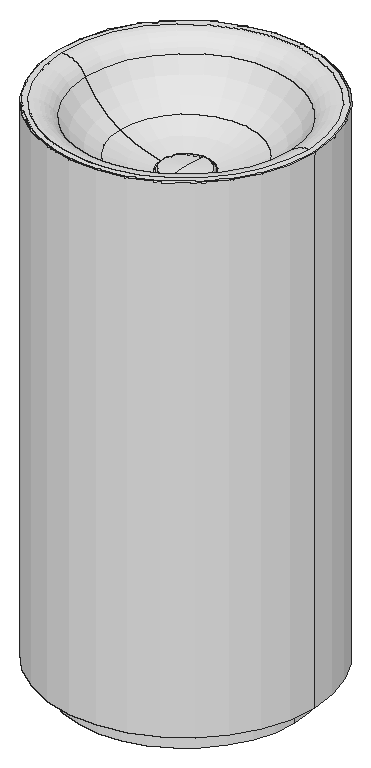
Revit family "Sink-Pedestal-KOHLER-K-EX40398T_1", category Plumbing Fixtures, host Face, Revit 2022
Family settings
  Host = Face
  Round Connector Dimension = Use Diameter
  Part Type = Normal
  OmniClass Number = 23.31.13.00
  Cut with Voids When Loaded = No
  Maintain Annotation Orientation = No
  Shared = No
  Room Calculation Point = No
Parameters (values of type "HW1-Honed White")
  Width = 17.71654"  # constant formula
  WaterSense Certified = 1 = 0  # no
  Waste Water Outlet = "Waste Water Outlet"  # constant formula
  Waste Connection = 1 = 1  # yes
  Vent Connection = 1 = 0  # no
  URL = "http://www.kohler.com.cn/"
  Type = 1
  Product Page URL = ""
  Product Name = ""
  Product Documentation Link = ""
  Model = if(Type = 1, "K-EX40398T-HW1", "NA")  # "K-EX40398T-HW1"
  Material = "Natural Stone"  # constant formula
  Master Format 2014 Name = "Residential Lavatories and Sinks"  # constant formula
  Master Format 2014 = "22 41 16"  # constant formula
  Manufacturer Address = "Kohler Beijing Office (100016)36-2-03-B, No. 88, Liuxiang Road, Beijing"  # constant formula
  Manufacturer = "Kohler Co."  # constant formula
  Length = 17.71654"  # constant formula
  Hot Water Inlet = "Hot Water Inlet"  # constant formula
  Height = 35.49528"  # constant formula
  HW Connection = 1 = 0  # no
  Finish = KOHLER-Stone-HW1-Honed_White
  Environmental Product Declaration = ""
  Drain Included = 1 = 0  # no
  Description = "Pedestal"  # constant formula
  Default Elevation = 36"
  Declare Label = ""
  Date Modified = "11/20/2025"  # constant formula
  Date Created = "10/17/2025"  # constant formula
  Copyright = "Copyright Kohler Co."  # constant formula
  Contact Us = "http://www.kohler.com.cn/contact/contact-us/"
  Cold Water Inlet = "Cold Water Inlet"  # constant formula
  CW Connection = 1 = 0  # no
  Assembly Code = "D2010400"
  ADA Compliant = 1 = 0  # no
Reference planes (in)
  plane 1 "Center (Front/Back)": y = 0
  plane 2: z = 0
  plane 3 "Center (Left/Right)": x = 0
  plane 4: y = -8.85827
  plane 5: y = 8.85827
  plane 6: y = 1.60002
  plane 7: y = -1.60002
  plane 8: x = -1.60002
  plane 9: x = 1.60002
  plane 10: z = 27.40515
  plane 11: x = -8.85827
  plane 12: x = 8.85827
  plane 13: z = 35.49528
Dimensions and locks (in)
  plane 7 to plane 6 = 3.20004"
  plane 8 to plane 9 = 3.20004"
  plane 4 to plane 1 "Center (Front/Back)" = 8.85827"
  plane 1 "Center (Front/Back)" to plane 5 = 8.85827"
  plane 5 to plane 4 = 17.71654"
  "Width": plane 11 to plane 12
  "Length": plane 5 to plane 4
  "Height": plane 13 to level
  aligned and locked: plane 2 to host face
  aligned and locked: level to host face
  aligned and locked: plane 3 "Center (Left/Right)" to nested 1
  aligned and locked: plane 1 "Center (Front/Back)" to nested 1
Automatic sketch dimensions
  host sketch curve to host sketch curve = 96"  (x2)
Nested families (in)
  nested 1: "K-EX40398T" at (0, 0, 0), type "K-EX40398T"
Connectors (in)
  piping at (0, 0, 27.40515), diameter 1.25391, driven by "Waste Connection", driven by "Waste Water Outlet"
    settings: on nested 1, index 1, connector inside diameter 24", connector length 0", flow factor 0, pipe flow 0 GPM, pressure drop 0.00 psi, fitting loss kfactor 0, connector angle 0.00°, fixture units 0, engagement length 0", angle of deflection 0.00°, flow configuration 0, flow direction 2, fitting loss method 0, system type 16, joint type 0, gender type 0, connector reference index -1, connector utility 1, adjustable connector no, is connector primary yes, connector description "Waste Water Outlet"
Definition of nested family "K-EX40398T"
  Parameters (values of type "K-38259")
    Waste Connection = no
    Material = none
    Default Elevation = 0"
  Reference planes (in)
    plane 1 "Center (Front/Back)": y = 0
    plane 2: z = 0
    plane 3 "Center (Left/Right)": x = 0
    plane 4: x = -8.85827
    plane 5: y = -8.85827
    plane 6: z = 35.4954
    plane 7: z = 22.26378
    plane 8: z = 27.40515
    plane 9: y = 8.85827
    plane 10: x = 8.85827
  Forms (in)
    Sweep 1, solid, material <- "Material", detail levels medium+fine
      path origin (0, 0, 0) x (1, 0, 0) y (0, 1, 0)
        loop
          circle (0, 0) r 8.85827
      profile origin (8.85827, 0, 0) x (-1, 0, 0) y (0, 0, 1)
        loop
          line (0, 1.4206) -> (1.37795, 1.4206) -> (1.37795, 0) -> (2.16535, 0) -> (2.16535, 1.9685) -> (0.7874, 1.9685) -> (0.7874, 34.12056)
          arc (0.7874, 34.12056) -> (0.93267, 34.31053) -> (1.15407, 34.22012) r 0.19685
          arc (1.15407, 34.22012) -> (3.43301, 31.83066) -> (6.53909, 30.71019) r 7.19794
          arc (6.53909, 30.71019) -> (6.9123, 30.51647) -> (7.06201, 30.12353) r 0.59055
          line (7.06201, 30.12353) -> (7.06201, 28.80249) -> (7.45571, 28.80249) -> (7.45571, 30.81782)
          arc (7.45571, 30.81782) -> (7.36003, 31.07508) -> (7.11951, 31.2073) r 0.3937
          arc (7.11951, 31.2073) -> (5.67864, 31.5544) -> (4.32299, 32.15337) r 8.26096
          arc (4.32299, 32.15337) -> (2.97197, 33.18143) -> (1.97025, 34.55209) r 5.8907
          arc (1.97025, 34.55209) -> (1.31828, 35.24136) -> (0.40416, 35.4954) r 1.77165
          line (0.40416, 35.4954) -> (0.05555, 35.4954)
          arc (0.05555, 35.4954) -> (0.01627, 35.47913) -> (0, 35.43985) r 0.05555
          line (0, 35.43985) -> (0, 1.4206)
    Revolve 2, solid, material <- "Material"
      sketch origin (0, 0, 0) x (0, 1, 0) y (0, 0, 1)
        loop
          arc (0, 31.52716) -> (-0.76641, 31.49036) -> (-1.52556, 31.37895) r 7.85374
          arc (-1.52556, 31.37895) -> (-1.59536, 31.2851) -> (-1.50873, 31.20652) r 0.08704
          line (-1.50873, 31.20652) -> (-0.38878, 31.20652) -> (-0.38878, 27.40515) -> (0, 27.40515) -> (0, 31.20652) -> (0, 31.52716)
        axis (0, 31.52716) -> (0, 27.40515)
      angle from 0 to 360
    Extrusion 3, solid, material <- "Material", detail levels medium+fine
      sketch origin (0, 0, 0) x (1, 0, 0) y (0, 1, 0)
        loop
          arc (-0.89173, -1.03231) -> (-0.84926, -1.05055) -> (-0.80409, -1.04074) r 0.07583
          line (-0.80409, -1.04074) -> (-0.61962, -0.93423)
          arc (-0.61962, -0.93423) -> (-0.58259, -0.87397) -> (-0.61281, -0.81002) r 0.07428
          arc (-0.61281, -0.81002) -> (-0.88302, -0.50816) -> (-1.00851, -0.12297) r 0.98284
          arc (-1.00851, -0.12297) -> (-1.04834, -0.06526) -> (-1.11844, -0.06714) r 0.07357
          line (-1.11844, -0.06714) -> (-1.31092, -0.17827)
          arc (-1.31092, -0.17827) -> (-1.33731, -0.20722) -> (-1.34212, -0.24611) r 0.06462
          arc (-1.34212, -0.24611) -> (-1.18346, -0.67733) -> (-0.89173, -1.03231) r 1.37668
        loop
          arc (1.35026, -0.25522) -> (1.34481, -0.20931) -> (1.31373, -0.1751) r 0.07583
          line (1.31373, -0.1751) -> (1.12926, -0.0686)
          arc (1.12926, -0.0686) -> (1.05856, -0.06666) -> (1.01828, -0.12481) r 0.07428
          arc (1.01828, -0.12481) -> (0.89197, -0.50974) -> (0.62113, -0.81102) r 0.98284
          arc (0.62113, -0.81102) -> (0.59107, -0.87437) -> (0.62775, -0.93413) r 0.07357
          line (0.62775, -0.93413) -> (0.82022, -1.04526)
          arc (0.82022, -1.04526) -> (0.8585, -1.05364) -> (0.89458, -1.03837) r 0.06462
          arc (0.89458, -1.03837) -> (1.1887, -0.68535) -> (1.35026, -0.25522) r 1.37668
        loop
          arc (-0.44428, 1.29586) -> (-0.48128, 1.26815) -> (-0.49532, 1.22411) r 0.07583
          line (-0.49532, 1.22411) -> (-0.4951, 1.01111)
          arc (-0.4951, 1.01111) -> (-0.46135, 0.94894) -> (-0.39085, 0.94321) r 0.07428
          arc (-0.39085, 0.94321) -> (0.00557, 1.02671) -> (0.402, 0.94321) r 0.98284
          arc (0.402, 0.94321) -> (0.47189, 0.94893) -> (0.50524, 1.01061) r 0.07357
          line (0.50524, 1.01061) -> (0.505, 1.23286)
          arc (0.505, 1.23286) -> (0.49309, 1.27019) -> (0.46179, 1.29376) r 0.06462
          arc (0.46179, 1.29376) -> (0.00893, 1.37149) -> (-0.44428, 1.29586) r 1.37668
      from 29.30795 to 29.77336
    Extrusion 4, void
      sketch origin (0, 0, 0) x (1, 0, 0) y (0, 0, 1)
        loop
          arc (2.88937, 24.95344) -> (-0.00289, 27.8457) -> (-2.89514, 24.95344) r 2.89226
          line (-2.89514, 24.95344) -> (-2.89514, 18.80637)
          arc (-2.89514, 18.80637) -> (-0.00289, 15.91412) -> (2.88937, 18.80637) r 2.89226
          line (2.88937, 18.80637) -> (2.88937, 24.95344)
      from -16.73185 to -1.44657
    Extrusion 5, void
      sketch origin (0, 0, 0) x (1, 0, 0) y (0, 0, 1)
        loop
          line (0.74482, 34.11918) -> (-0.73957, 34.11918)
          arc (-0.73957, 34.11918) -> (-0.87833, 33.98042) -> (-0.73957, 33.84167) r 0.13875
          line (-0.73957, 33.84167) -> (0.74482, 33.84167)
          arc (0.74482, 33.84167) -> (0.88358, 33.98042) -> (0.74482, 34.11918) r 0.13875
      from 5.06215 to 7.89383
    Sweep 6, solid, material <- "Material", detail levels coarse
      path origin (0, 0, 0) x (1, 0, 0) y (0, 1, 0)
        loop
          circle (0, 0) r 8.85827
      profile origin (8.85827, 0, 0) x (-1, 0, 0) y (0, 0, 1)
        loop
          line (0, 1.4206) -> (1.37795, 1.4206) -> (1.37795, 0) -> (2.16535, 0) -> (2.16535, 1.9685) -> (0.7874, 1.9685) -> (0.7874, 34.12056)
          arc (0.7874, 34.12056) -> (0.93267, 34.31053) -> (1.15407, 34.22012) r 0.19685
          arc (1.15407, 34.22012) -> (3.43301, 31.83066) -> (6.53909, 30.71019) r 7.19794
          arc (6.53909, 30.71019) -> (6.9123, 30.51647) -> (7.06201, 30.12353) r 0.59055
          line (7.06201, 30.12353) -> (7.06201, 28.80249) -> (7.45571, 28.80249) -> (7.45571, 30.81782)
          arc (7.45571, 30.81782) -> (7.36003, 31.07508) -> (7.11951, 31.2073) r 0.3937
          arc (7.11951, 31.2073) -> (5.67864, 31.5544) -> (4.32299, 32.15337) r 8.26096
          arc (4.32299, 32.15337) -> (2.97197, 33.18143) -> (1.97025, 34.55209) r 5.8907
          arc (1.97025, 34.55209) -> (1.31828, 35.24136) -> (0.40416, 35.4954) r 1.77165
          line (0.40416, 35.4954) -> (0, 35.4954) -> (0, 1.4206)
  Cuts and joins
    Extrusion 4, Extrusion 5 cuts Sweep 1
  Lines and regions (in)
    Masking region 1
      outline origin (0, 0, 0) x (1, 0, 0) y (0, 1, 0)
        loop
          circle (0, 0) r 8.85827
    Masking region 2
      outline origin (0, 0, 0) x (1, 0, 0) y (0, 0, 1)
        loop
          line (0, 35.4954) -> (-8.76476, 35.4954)
          arc (-8.76476, 35.4954) -> (-8.83061, 35.46797) -> (-8.85751, 35.4019) r 0.09275
          line (-8.85751, 35.4019) -> (-8.58059, 1.3922) -> (-7.15383, 1.3922) -> (-7.15383, 0) -> (0, 0) -> (7.15383, 0) -> (7.15383, 1.3922) -> (8.58059, 1.3922) -> (8.85751, 35.4019)
          arc (8.85751, 35.4019) -> (8.83061, 35.46797) -> (8.76476, 35.4954) r 0.09275
          line (8.76476, 35.4954) -> (0, 35.4954)
    Masking region 3
      outline origin (0, 0, 0) x (0, 1, 0) y (0, 0, 1)
        loop
          line (0, 35.4954) -> (-8.77036, 35.4954)
          arc (-8.77036, 35.4954) -> (-8.83252, 35.46965) -> (-8.85827, 35.40749) r 0.08791
          line (-8.85827, 35.40749) -> (-8.56299, 1.37795) -> (-7.18504, 1.37795) -> (-7.18504, 0) -> (0, 0) -> (7.18504, 0) -> (7.18504, 1.37795) -> (8.56299, 1.37795) -> (8.85827, 15.68204)
          arc (8.85827, 15.68204) -> (8.39565, 16.85377) -> (8.23817, 18.10364) r 5.03843
          line (8.23817, 18.10364) -> (8.23817, 25.3871)
          arc (8.23817, 25.3871) -> (8.39599, 26.56307) -> (8.85827, 27.65583) r 4.4603
          line (8.85827, 27.65583) -> (8.85827, 35.40749)
          arc (8.85827, 35.40749) -> (8.83252, 35.46965) -> (8.77036, 35.4954) r 0.08791
          line (8.77036, 35.4954) -> (0, 35.4954)
    symbolic lines
      curve 1: circle (0, 0, 0) r 1.77165 normal (0, 0, 1)
      curve 3: circle (0, 0, 0) r 8.46457 normal (0, 0, 1)
    symbolic lines, detail levels medium+fine
      curve 2: circle (0, 0, 0) r 8.66142 normal (0, 0, 1)
      curve 4: line (-6.94752, 0, 0.04264) -> (6.94752, 0, 0.04264)
      curve 5: circle (0, 0, 0) r 1.70224 normal (0, 0, 1)
      curve 6: line (-8.85751, 0, 35.4019) -> (8.85751, 0, 35.4019)
      curve 7: line (-7.15383, 0, 1.3922) -> (7.15383, 0, 1.3922)
      curve 8: line (0, 8.85827, 35.40749) -> (0, -8.85827, 35.40749)
      curve 9: line (0, 7.18504, 1.37795) -> (0, -7.18504, 1.37795)
  Dimensions and locks (in)
    plane 4 to plane 3 "Center (Left/Right)" = 8.85827"
    plane 5 to plane 1 "Center (Front/Back)" = 8.85827"
    plane 3 "Center (Left/Right)" to plane 4 = 8.85827"
    aligned and locked: level to plane 2
    aligned and locked: plane 8 to Revolve 2 sketch curve
